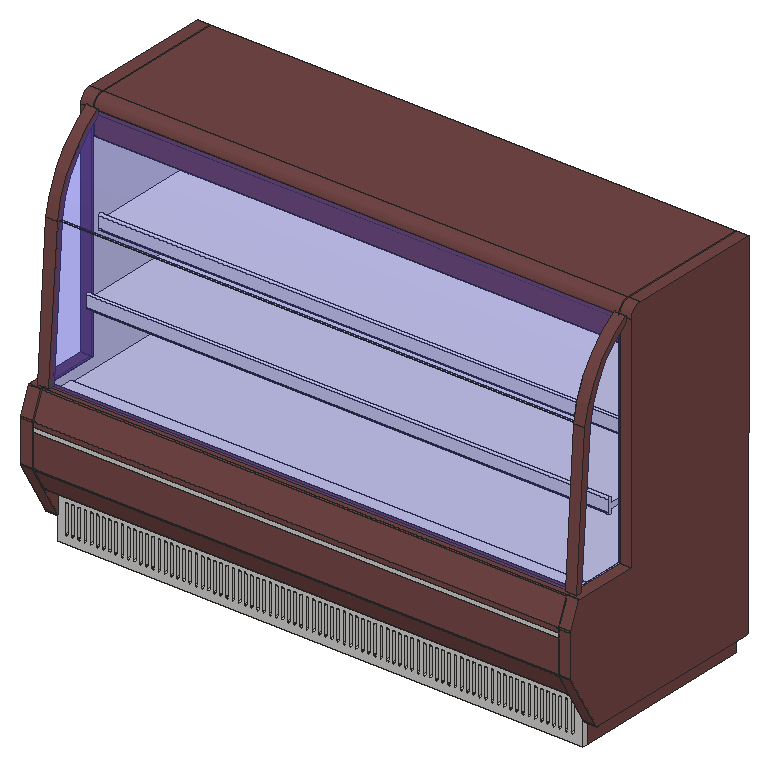
Revit family "QF_Turbo Air_TCDD-72-2-H", category Specialty Equipment, Revit 2014
Parameters
  Weight in Pounds = 639
  Watermarked By = ""
  Volts = 115 V
  Vent Material = QF_Stainless-Polished
  URL Cutsheet = ""
  URL = "www.turboairinc.com"
  Status [instance] = ""
  Specification by User [instance] = ""
  Specification by Manufacturer [instance] = ""
  Serial Number [instance] = ""
  Revision Code [instance] = ""
  Phase = 1
  Number of Poles [instance] = 1
  NAFEM Spec ID Number [instance] = ""
  Model = "TCDD-72-2-H"
  Masterspec [instance] = ""
  Manufacturer = "Turbo Air"  # constant formula
  Item Number [instance] = "-"
  Installed By [instance] = ""
  HP = "1/2"
  Furnished By [instance] = ""
  Foodservice Equipment Identifier = yes
  FL Amps = 11 A
  Exterior Material = QF_Plastic-Red Wine
  Electrical Remarks [instance] = ""
  Electric Connection Type [instance] = ""
  Elec Conn RI Height [instance] = 0' - 0"
  Elec Conn Connection Height = 0' - 6"
  Description = "Bakery/Deli Case"
  Cycle = 60 Hz
  Conn Plug = "NEMA 5-15P"
  CSI MasterFormat = "11 41 13"
  Assembly Code = "E1090320"
  Apparent Power = if(Phase = 3, Volts * FL Amps * 1.73, Volts * FL Amps)  # 1265 VA
Reference planes (in)
  plane 1 "Handle Back": y = -4.25
  plane 2: z = 0
  plane 3 "LEFT": x = -16.56573
  plane 4 "RIGHT": x = 55.93427
  plane 5 "FRONT": y = -34.25
  plane 6 "Bottom": z = 0.3125
  plane 7 "Inside Left": x = -14.94073
  plane 8 "Inside Right": x = 54.30927
  plane 9 "BACK": y = -5
  plane 10 "Panel Lower": z = 19.375
  plane 11 "Inside Bottom": z = 17.25
  plane 12 "TOP": z = 50.125
  plane 13 "Door Left": x = -13.62823
  plane 14 "Door Right": x = 52.99677
  plane 15 "Lower Shelf": z = 26.8125
  plane 16 "Upper Shelf": z = 35.3125
  plane 17 "Door Top": z = 46.5625
  plane 18 "Door Bottom": z = 18.4375
  plane 19 "CENTER LR": x = 19.68427
  plane 20 "Panel Bottom": z = 3.125
  plane 21 "Bottom Front": y = -29.625
Forms (in)
  Extrusion 1, solid, material "QF_Plastic-Red Wine" <- "Exterior Material"
    sketch origin (-16.56573, 0, 0) x (0, 1, 0) y (0, 0, 1)
      loop
        line (-5, 3.5) -> (-5, 50.125) -> (-22.75, 50.125)
        arc (-22.75, 50.125) -> (-23.81066, 49.68566) -> (-24.25, 48.625) r 1.5
        line (-24.25, 48.625) -> (-24.25, 19.375) -> (-32.77179, 19.375)
        arc (-32.77179, 19.375) -> (-32.8059, 19.36487) -> (-32.82896, 19.33777) r 0.0625
        line (-32.82896, 19.33777) -> (-34.21799, 16.19501)
        arc (-34.21799, 16.19501) -> (-34.24191, 16.12089) -> (-34.25, 16.04342) r 0.375
        line (-34.25, 16.04342) -> (-34.25, 10.5867)
        arc (-34.25, 10.5867) -> (-34.23722, 10.48964) -> (-34.19976, 10.3992) r 0.375
        line (-34.19976, 10.3992) -> (-30.10825, 3.3125)
        arc (-30.10825, 3.3125) -> (-29.97099, 3.17524) -> (-29.78349, 3.125) r 0.375
        line (-29.78349, 3.125) -> (-5.375, 3.125)
        arc (-5.375, 3.125) -> (-5.10983, 3.23483) -> (-5, 3.5) r 0.375
    from 0 to 1.625
  Extrusion 2, solid, material "QF_Plastic-Red Wine" <- "Exterior Material"
    sketch origin (55.93427, 0, 0) x (0, 1, 0) y (0, 0, 1)
      loop
        line (-5, 3.5) -> (-5, 50.125) -> (-22.75, 50.125)
        arc (-22.75, 50.125) -> (-23.81066, 49.68566) -> (-24.25, 48.625) r 1.5
        line (-24.25, 48.625) -> (-24.25, 19.375) -> (-32.77179, 19.375)
        arc (-32.77179, 19.375) -> (-32.8059, 19.36487) -> (-32.82896, 19.33777) r 0.0625
        line (-32.82896, 19.33777) -> (-34.21799, 16.19501)
        arc (-34.21799, 16.19501) -> (-34.24191, 16.12089) -> (-34.25, 16.04342) r 0.375
        line (-34.25, 16.04342) -> (-34.25, 10.5867)
        arc (-34.25, 10.5867) -> (-34.23722, 10.48964) -> (-34.19976, 10.3992) r 0.375
        line (-34.19976, 10.3992) -> (-30.10825, 3.3125)
        arc (-30.10825, 3.3125) -> (-29.97099, 3.17524) -> (-29.78349, 3.125) r 0.375
        line (-29.78349, 3.125) -> (-5.375, 3.125)
        arc (-5.375, 3.125) -> (-5.10983, 3.23483) -> (-5, 3.5) r 0.375
    from 0 to -1.625
  Extrusion 3, solid, material "QF_Plastic-Red Wine" <- "Exterior Material"
    sketch origin (-14.94073, 0, 0) x (0, 1, 0) y (0, 0, 1)
      loop
        line (-31.625, 19.375) -> (-30.23314, 38.44929)
        arc (-30.23314, 38.44929) -> (-28.27705, 43.90036) -> (-24.25, 48.0625) r 13.75
        line (-24.25, 48.0625) -> (-24.25, 48.625)
        arc (-24.25, 48.625) -> (-24.24379, 48.76132) -> (-24.22522, 48.89651) r 1.5
        arc (-24.22522, 48.89651) -> (-28.73663, 44.45952) -> (-30.91735, 38.51948) r 14.4375
        line (-30.91735, 38.51948) -> (-32.31433, 19.375) -> (-31.625, 19.375)
    from -0.875 to 0.625
  Extrusion 4, solid, material "QF_Plastic-Red Wine" <- "Exterior Material"
    sketch origin (54.30927, 0, 0) x (0, 1, 0) y (0, 0, 1)
      loop
        arc (-30.23314, 38.44929) -> (-28.27705, 43.90036) -> (-24.25, 48.0625) r 13.75
        line (-24.25, 48.0625) -> (-24.25, 48.625)
        arc (-24.25, 48.625) -> (-24.24379, 48.76132) -> (-24.22522, 48.89651) r 1.5
        arc (-24.22522, 48.89651) -> (-28.73663, 44.45952) -> (-30.91735, 38.51948) r 14.4375
        line (-30.91735, 38.51948) -> (-32.31433, 19.375) -> (-31.625, 19.375) -> (-30.23314, 38.44929)
    from 0.875 to -0.625
  Extrusion 5, solid, material "QF_Glass-Cast-Clear"
    sketch origin (-14.94073, 0, 0) x (0, 1, 0) y (0, 0, 1)
      loop
        arc (-24.25, 48.0625) -> (-28.27705, 43.90036) -> (-30.23314, 38.44929) r 13.75
        line (-30.23314, 38.44929) -> (-31.625, 19.375) -> (-24.25, 19.375) -> (-24.25, 48.0625)
    from 0 to -0.25
  Extrusion 6, solid, material "QF_Glass-Cast-Clear"
    sketch origin (54.30927, 0, 0) x (0, 1, 0) y (0, 0, 1)
      loop
        arc (-24.25, 48.0625) -> (-28.27705, 43.90036) -> (-30.23314, 38.44929) r 13.75
        line (-30.23314, 38.44929) -> (-31.625, 19.375) -> (-24.25, 19.375) -> (-24.25, 48.0625)
    from 0 to 0.25
  Extrusion 7, solid, material "QF_Plastic-Red Wine" <- "Exterior Material"
    sketch origin (-14.94073, 0, 0) x (0, 1, 0) y (0, 0, 1)
      loop
        line (-5, 50.125) -> (-22.75, 50.125)
        arc (-22.75, 50.125) -> (-23.81066, 49.68566) -> (-24.25, 48.625) r 1.5
        line (-24.25, 48.625) -> (-24.25, 45.5)
        arc (-24.25, 45.5) -> (-24.1875, 45.4375) -> (-24.125, 45.5) r 0.0625
        line (-24.125, 45.5) -> (-24.125, 48.625)
        arc (-24.125, 48.625) -> (-24.06819, 49.01616) -> (-23.90244, 49.375) r 1.375
        line (-23.90244, 49.375) -> (-7.375, 49.375) -> (-7.375, 46.5625) -> (-5, 46.5625) -> (-5, 50.125)
      loop
        line (-5, 10.4375) -> (-5, 18.4375) -> (-7.375, 18.4375) -> (-7.375, 10.4375) -> (-5, 10.4375)
    from 0 to 69.25
  Extrusion 8, solid, material "QF_Plastic-Red Wine" <- "Exterior Material"
    sketch origin (0, 0, 0.3125) x (0, 1, 0) y (-1, 0, 0)
      loop
        line (-5, 14.94073) -> (-29.625, 14.94073) -> (-29.625, -54.30927) -> (-5, -54.30927) -> (-5, 14.94073)
      loop
        line (-29.375, 14.69073) -> (-29.375, -54.05927) -> (-5.25, -54.05927) -> (-5.25, 14.69073) -> (-29.375, 14.69073)
    from 0 to 14
  Extrusion 9, solid, material "QF_Plastic-Red Wine" <- "Exterior Material"
    sketch origin (0, 0, 0.3125) x (0, 1, 0) y (-1, 0, 0)
      loop
        line (-29.375, -54.05927) -> (-5.25, -54.05927) -> (-5.25, 14.69073) -> (-29.375, 14.69073) -> (-29.375, -54.05927)
    from 0 to 0.25
  Extrusion 10, solid, material "QF_Stainless-Polished" <- "Vent Material"
    sketch origin (0, -29.625, 0) x (1, 0, 0) y (0, 0, 1)
      loop
        line (-14.94073, 8.5625) -> (-14.94073, 0.3125) -> (54.30927, 0.3125) -> (54.30927, 8.5625) -> (-14.94073, 8.5625)
    from 0 to 0.5625
  Extrusion 11, void
    sketch origin (0, -29.625, 0) x (1, 0, 0) y (0, 0, 1)
      loop
        arc (19.49677, 1.5625) -> (19.68427, 1.375) -> (19.87177, 1.5625) r 0.1875
        line (19.87177, 1.5625) -> (19.87177, 5.125)
        arc (19.87177, 5.125) -> (19.68427, 5.3125) -> (19.49677, 5.125) r 0.1875
        line (19.49677, 5.125) -> (19.49677, 1.5625)
      loop
        arc (20.30927, 1.5625) -> (20.49677, 1.375) -> (20.68427, 1.5625) r 0.1875
        line (20.68427, 1.5625) -> (20.68427, 5.125)
        arc (20.68427, 5.125) -> (20.49677, 5.3125) -> (20.30927, 5.125) r 0.1875
        line (20.30927, 5.125) -> (20.30927, 1.5625)
      loop
        arc (21.12177, 1.5625) -> (21.30927, 1.375) -> (21.49677, 1.5625) r 0.1875
        line (21.49677, 1.5625) -> (21.49677, 5.125)
        arc (21.49677, 5.125) -> (21.30927, 5.3125) -> (21.12177, 5.125) r 0.1875
        line (21.12177, 5.125) -> (21.12177, 1.5625)
      loop
        arc (21.93427, 1.5625) -> (22.12177, 1.375) -> (22.30927, 1.5625) r 0.1875
        line (22.30927, 1.5625) -> (22.30927, 5.125)
        arc (22.30927, 5.125) -> (22.12177, 5.3125) -> (21.93427, 5.125) r 0.1875
        line (21.93427, 5.125) -> (21.93427, 1.5625)
      loop
        arc (22.74677, 1.5625) -> (22.93427, 1.375) -> (23.12177, 1.5625) r 0.1875
        line (23.12177, 1.5625) -> (23.12177, 5.125)
        arc (23.12177, 5.125) -> (22.93427, 5.3125) -> (22.74677, 5.125) r 0.1875
        line (22.74677, 5.125) -> (22.74677, 1.5625)
      loop
        arc (23.55927, 1.5625) -> (23.74677, 1.375) -> (23.93427, 1.5625) r 0.1875
        line (23.93427, 1.5625) -> (23.93427, 5.125)
        arc (23.93427, 5.125) -> (23.74677, 5.3125) -> (23.55927, 5.125) r 0.1875
        line (23.55927, 5.125) -> (23.55927, 1.5625)
      loop
        arc (24.37177, 1.5625) -> (24.55927, 1.375) -> (24.74677, 1.5625) r 0.1875
        line (24.74677, 1.5625) -> (24.74677, 5.125)
        arc (24.74677, 5.125) -> (24.55927, 5.3125) -> (24.37177, 5.125) r 0.1875
        line (24.37177, 5.125) -> (24.37177, 1.5625)
      loop
        arc (25.18427, 1.5625) -> (25.37177, 1.375) -> (25.55927, 1.5625) r 0.1875
        line (25.55927, 1.5625) -> (25.55927, 5.125)
        arc (25.55927, 5.125) -> (25.37177, 5.3125) -> (25.18427, 5.125) r 0.1875
        line (25.18427, 5.125) -> (25.18427, 1.5625)
      loop
        arc (25.99677, 1.5625) -> (26.18427, 1.375) -> (26.37177, 1.5625) r 0.1875
        line (26.37177, 1.5625) -> (26.37177, 5.125)
        arc (26.37177, 5.125) -> (26.18427, 5.3125) -> (25.99677, 5.125) r 0.1875
        line (25.99677, 5.125) -> (25.99677, 1.5625)
      loop
        arc (26.80927, 1.5625) -> (26.99677, 1.375) -> (27.18427, 1.5625) r 0.1875
        line (27.18427, 1.5625) -> (27.18427, 5.125)
        arc (27.18427, 5.125) -> (26.99677, 5.3125) -> (26.80927, 5.125) r 0.1875
        line (26.80927, 5.125) -> (26.80927, 1.5625)
      loop
        arc (27.62177, 1.5625) -> (27.80927, 1.375) -> (27.99677, 1.5625) r 0.1875
        line (27.99677, 1.5625) -> (27.99677, 5.125)
        arc (27.99677, 5.125) -> (27.80927, 5.3125) -> (27.62177, 5.125) r 0.1875
        line (27.62177, 5.125) -> (27.62177, 1.5625)
      loop
        arc (28.43427, 1.5625) -> (28.62177, 1.375) -> (28.80927, 1.5625) r 0.1875
        line (28.80927, 1.5625) -> (28.80927, 5.125)
        arc (28.80927, 5.125) -> (28.62177, 5.3125) -> (28.43427, 5.125) r 0.1875
        line (28.43427, 5.125) -> (28.43427, 1.5625)
      loop
        arc (29.24677, 1.5625) -> (29.43427, 1.375) -> (29.62177, 1.5625) r 0.1875
        line (29.62177, 1.5625) -> (29.62177, 5.125)
        arc (29.62177, 5.125) -> (29.43427, 5.3125) -> (29.24677, 5.125) r 0.1875
        line (29.24677, 5.125) -> (29.24677, 1.5625)
      loop
        arc (30.05927, 1.5625) -> (30.24677, 1.375) -> (30.43427, 1.5625) r 0.1875
        line (30.43427, 1.5625) -> (30.43427, 5.125)
        arc (30.43427, 5.125) -> (30.24677, 5.3125) -> (30.05927, 5.125) r 0.1875
        line (30.05927, 5.125) -> (30.05927, 1.5625)
      loop
        arc (30.87177, 1.5625) -> (31.05927, 1.375) -> (31.24677, 1.5625) r 0.1875
        line (31.24677, 1.5625) -> (31.24677, 5.125)
        arc (31.24677, 5.125) -> (31.05927, 5.3125) -> (30.87177, 5.125) r 0.1875
        line (30.87177, 5.125) -> (30.87177, 1.5625)
      loop
        arc (31.68427, 1.5625) -> (31.87177, 1.375) -> (32.05927, 1.5625) r 0.1875
        line (32.05927, 1.5625) -> (32.05927, 5.125)
        arc (32.05927, 5.125) -> (31.87177, 5.3125) -> (31.68427, 5.125) r 0.1875
        line (31.68427, 5.125) -> (31.68427, 1.5625)
      loop
        arc (32.49677, 1.5625) -> (32.68427, 1.375) -> (32.87177, 1.5625) r 0.1875
        line (32.87177, 1.5625) -> (32.87177, 5.125)
        arc (32.87177, 5.125) -> (32.68427, 5.3125) -> (32.49677, 5.125) r 0.1875
        line (32.49677, 5.125) -> (32.49677, 1.5625)
      loop
        arc (33.30927, 1.5625) -> (33.49677, 1.375) -> (33.68427, 1.5625) r 0.1875
        line (33.68427, 1.5625) -> (33.68427, 5.125)
        arc (33.68427, 5.125) -> (33.49677, 5.3125) -> (33.30927, 5.125) r 0.1875
        line (33.30927, 5.125) -> (33.30927, 1.5625)
      loop
        arc (34.12177, 1.5625) -> (34.30927, 1.375) -> (34.49677, 1.5625) r 0.1875
        line (34.49677, 1.5625) -> (34.49677, 5.125)
        arc (34.49677, 5.125) -> (34.30927, 5.3125) -> (34.12177, 5.125) r 0.1875
        line (34.12177, 5.125) -> (34.12177, 1.5625)
      loop
        arc (34.93427, 1.5625) -> (35.12177, 1.375) -> (35.30927, 1.5625) r 0.1875
        line (35.30927, 1.5625) -> (35.30927, 5.125)
        arc (35.30927, 5.125) -> (35.12177, 5.3125) -> (34.93427, 5.125) r 0.1875
        line (34.93427, 5.125) -> (34.93427, 1.5625)
      loop
        arc (35.74677, 1.5625) -> (35.93427, 1.375) -> (36.12177, 1.5625) r 0.1875
        line (36.12177, 1.5625) -> (36.12177, 5.125)
        arc (36.12177, 5.125) -> (35.93427, 5.3125) -> (35.74677, 5.125) r 0.1875
        line (35.74677, 5.125) -> (35.74677, 1.5625)
      loop
        arc (36.55927, 1.5625) -> (36.74677, 1.375) -> (36.93427, 1.5625) r 0.1875
        line (36.93427, 1.5625) -> (36.93427, 5.125)
        arc (36.93427, 5.125) -> (36.74677, 5.3125) -> (36.55927, 5.125) r 0.1875
        line (36.55927, 5.125) -> (36.55927, 1.5625)
      loop
        arc (37.37177, 1.5625) -> (37.55927, 1.375) -> (37.74677, 1.5625) r 0.1875
        line (37.74677, 1.5625) -> (37.74677, 5.125)
        arc (37.74677, 5.125) -> (37.55927, 5.3125) -> (37.37177, 5.125) r 0.1875
        line (37.37177, 5.125) -> (37.37177, 1.5625)
      loop
        arc (38.18427, 1.5625) -> (38.37177, 1.375) -> (38.55927, 1.5625) r 0.1875
        line (38.55927, 1.5625) -> (38.55927, 5.125)
        arc (38.55927, 5.125) -> (38.37177, 5.3125) -> (38.18427, 5.125) r 0.1875
        line (38.18427, 5.125) -> (38.18427, 1.5625)
      loop
        arc (38.99677, 1.5625) -> (39.18427, 1.375) -> (39.37177, 1.5625) r 0.1875
        line (39.37177, 1.5625) -> (39.37177, 5.125)
        arc (39.37177, 5.125) -> (39.18427, 5.3125) -> (38.99677, 5.125) r 0.1875
        line (38.99677, 5.125) -> (38.99677, 1.5625)
      loop
        arc (39.80927, 1.5625) -> (39.99677, 1.375) -> (40.18427, 1.5625) r 0.1875
        line (40.18427, 1.5625) -> (40.18427, 5.125)
        arc (40.18427, 5.125) -> (39.99677, 5.3125) -> (39.80927, 5.125) r 0.1875
        line (39.80927, 5.125) -> (39.80927, 1.5625)
      loop
        arc (40.62177, 1.5625) -> (40.80927, 1.375) -> (40.99677, 1.5625) r 0.1875
        line (40.99677, 1.5625) -> (40.99677, 5.125)
        arc (40.99677, 5.125) -> (40.80927, 5.3125) -> (40.62177, 5.125) r 0.1875
        line (40.62177, 5.125) -> (40.62177, 1.5625)
      loop
        arc (41.43427, 1.5625) -> (41.62177, 1.375) -> (41.80927, 1.5625) r 0.1875
        line (41.80927, 1.5625) -> (41.80927, 5.125)
        arc (41.80927, 5.125) -> (41.62177, 5.3125) -> (41.43427, 5.125) r 0.1875
        line (41.43427, 5.125) -> (41.43427, 1.5625)
      loop
        arc (42.24677, 1.5625) -> (42.43427, 1.375) -> (42.62177, 1.5625) r 0.1875
        line (42.62177, 1.5625) -> (42.62177, 5.125)
        arc (42.62177, 5.125) -> (42.43427, 5.3125) -> (42.24677, 5.125) r 0.1875
        line (42.24677, 5.125) -> (42.24677, 1.5625)
      loop
        arc (43.05927, 1.5625) -> (43.24677, 1.375) -> (43.43427, 1.5625) r 0.1875
        line (43.43427, 1.5625) -> (43.43427, 5.125)
        arc (43.43427, 5.125) -> (43.24677, 5.3125) -> (43.05927, 5.125) r 0.1875
        line (43.05927, 5.125) -> (43.05927, 1.5625)
      loop
        arc (43.87177, 1.5625) -> (44.05927, 1.375) -> (44.24677, 1.5625) r 0.1875
        line (44.24677, 1.5625) -> (44.24677, 5.125)
        arc (44.24677, 5.125) -> (44.05927, 5.3125) -> (43.87177, 5.125) r 0.1875
        line (43.87177, 5.125) -> (43.87177, 1.5625)
      loop
        arc (44.68427, 1.5625) -> (44.87177, 1.375) -> (45.05927, 1.5625) r 0.1875
        line (45.05927, 1.5625) -> (45.05927, 5.125)
        arc (45.05927, 5.125) -> (44.87177, 5.3125) -> (44.68427, 5.125) r 0.1875
        line (44.68427, 5.125) -> (44.68427, 1.5625)
      loop
        arc (45.49677, 1.5625) -> (45.68427, 1.375) -> (45.87177, 1.5625) r 0.1875
        line (45.87177, 1.5625) -> (45.87177, 5.125)
        arc (45.87177, 5.125) -> (45.68427, 5.3125) -> (45.49677, 5.125) r 0.1875
        line (45.49677, 5.125) -> (45.49677, 1.5625)
      loop
        arc (46.30927, 1.5625) -> (46.49677, 1.375) -> (46.68427, 1.5625) r 0.1875
        line (46.68427, 1.5625) -> (46.68427, 5.125)
        arc (46.68427, 5.125) -> (46.49677, 5.3125) -> (46.30927, 5.125) r 0.1875
        line (46.30927, 5.125) -> (46.30927, 1.5625)
      loop
        arc (47.12177, 1.5625) -> (47.30927, 1.375) -> (47.49677, 1.5625) r 0.1875
        line (47.49677, 1.5625) -> (47.49677, 5.125)
        arc (47.49677, 5.125) -> (47.30927, 5.3125) -> (47.12177, 5.125) r 0.1875
        line (47.12177, 5.125) -> (47.12177, 1.5625)
      loop
        arc (47.93427, 1.5625) -> (48.12177, 1.375) -> (48.30927, 1.5625) r 0.1875
        line (48.30927, 1.5625) -> (48.30927, 5.125)
        arc (48.30927, 5.125) -> (48.12177, 5.3125) -> (47.93427, 5.125) r 0.1875
        line (47.93427, 5.125) -> (47.93427, 1.5625)
      loop
        arc (48.74677, 1.5625) -> (48.93427, 1.375) -> (49.12177, 1.5625) r 0.1875
        line (49.12177, 1.5625) -> (49.12177, 5.125)
        arc (49.12177, 5.125) -> (48.93427, 5.3125) -> (48.74677, 5.125) r 0.1875
        line (48.74677, 5.125) -> (48.74677, 1.5625)
      loop
        arc (49.55927, 1.5625) -> (49.74677, 1.375) -> (49.93427, 1.5625) r 0.1875
        line (49.93427, 1.5625) -> (49.93427, 5.125)
        arc (49.93427, 5.125) -> (49.74677, 5.3125) -> (49.55927, 5.125) r 0.1875
        line (49.55927, 5.125) -> (49.55927, 1.5625)
      loop
        arc (50.37177, 1.5625) -> (50.55927, 1.375) -> (50.74677, 1.5625) r 0.1875
        line (50.74677, 1.5625) -> (50.74677, 5.125)
        arc (50.74677, 5.125) -> (50.55927, 5.3125) -> (50.37177, 5.125) r 0.1875
        line (50.37177, 5.125) -> (50.37177, 1.5625)
      loop
        arc (51.18427, 1.5625) -> (51.37177, 1.375) -> (51.55927, 1.5625) r 0.1875
        line (51.55927, 1.5625) -> (51.55927, 5.125)
        arc (51.55927, 5.125) -> (51.37177, 5.3125) -> (51.18427, 5.125) r 0.1875
        line (51.18427, 5.125) -> (51.18427, 1.5625)
      loop
        arc (51.99677, 1.5625) -> (52.18427, 1.375) -> (52.37177, 1.5625) r 0.1875
        line (52.37177, 1.5625) -> (52.37177, 5.125)
        arc (52.37177, 5.125) -> (52.18427, 5.3125) -> (51.99677, 5.125) r 0.1875
        line (51.99677, 5.125) -> (51.99677, 1.5625)
      loop
        arc (52.80927, 1.5625) -> (52.99677, 1.375) -> (53.18427, 1.5625) r 0.1875
        line (53.18427, 1.5625) -> (53.18427, 5.125)
        arc (53.18427, 5.125) -> (52.99677, 5.3125) -> (52.80927, 5.125) r 0.1875
        line (52.80927, 5.125) -> (52.80927, 1.5625)
      loop
        line (19.05927, 1.5625) -> (19.05927, 5.125)
        arc (19.05927, 5.125) -> (18.87177, 5.3125) -> (18.68427, 5.125) r 0.1875
        line (18.68427, 5.125) -> (18.68427, 1.5625)
        arc (18.68427, 1.5625) -> (18.87177, 1.375) -> (19.05927, 1.5625) r 0.1875
      loop
        line (18.24677, 1.5625) -> (18.24677, 5.125)
        arc (18.24677, 5.125) -> (18.05927, 5.3125) -> (17.87177, 5.125) r 0.1875
        line (17.87177, 5.125) -> (17.87177, 1.5625)
        arc (17.87177, 1.5625) -> (18.05927, 1.375) -> (18.24677, 1.5625) r 0.1875
      loop
        line (17.43427, 1.5625) -> (17.43427, 5.125)
        arc (17.43427, 5.125) -> (17.24677, 5.3125) -> (17.05927, 5.125) r 0.1875
        line (17.05927, 5.125) -> (17.05927, 1.5625)
        arc (17.05927, 1.5625) -> (17.24677, 1.375) -> (17.43427, 1.5625) r 0.1875
      loop
        line (16.62177, 1.5625) -> (16.62177, 5.125)
        arc (16.62177, 5.125) -> (16.43427, 5.3125) -> (16.24677, 5.125) r 0.1875
        line (16.24677, 5.125) -> (16.24677, 1.5625)
        arc (16.24677, 1.5625) -> (16.43427, 1.375) -> (16.62177, 1.5625) r 0.1875
      loop
        line (15.80927, 1.5625) -> (15.80927, 5.125)
        arc (15.80927, 5.125) -> (15.62177, 5.3125) -> (15.43427, 5.125) r 0.1875
        line (15.43427, 5.125) -> (15.43427, 1.5625)
        arc (15.43427, 1.5625) -> (15.62177, 1.375) -> (15.80927, 1.5625) r 0.1875
      loop
        line (14.99677, 1.5625) -> (14.99677, 5.125)
        arc (14.99677, 5.125) -> (14.80927, 5.3125) -> (14.62177, 5.125) r 0.1875
        line (14.62177, 5.125) -> (14.62177, 1.5625)
        arc (14.62177, 1.5625) -> (14.80927, 1.375) -> (14.99677, 1.5625) r 0.1875
      loop
        line (14.18427, 1.5625) -> (14.18427, 5.125)
        arc (14.18427, 5.125) -> (13.99677, 5.3125) -> (13.80927, 5.125) r 0.1875
        line (13.80927, 5.125) -> (13.80927, 1.5625)
        arc (13.80927, 1.5625) -> (13.99677, 1.375) -> (14.18427, 1.5625) r 0.1875
      loop
        line (13.37177, 1.5625) -> (13.37177, 5.125)
        arc (13.37177, 5.125) -> (13.18427, 5.3125) -> (12.99677, 5.125) r 0.1875
        line (12.99677, 5.125) -> (12.99677, 1.5625)
        arc (12.99677, 1.5625) -> (13.18427, 1.375) -> (13.37177, 1.5625) r 0.1875
      loop
        line (12.55927, 1.5625) -> (12.55927, 5.125)
        arc (12.55927, 5.125) -> (12.37177, 5.3125) -> (12.18427, 5.125) r 0.1875
        line (12.18427, 5.125) -> (12.18427, 1.5625)
        arc (12.18427, 1.5625) -> (12.37177, 1.375) -> (12.55927, 1.5625) r 0.1875
      loop
        line (11.74677, 1.5625) -> (11.74677, 5.125)
        arc (11.74677, 5.125) -> (11.55927, 5.3125) -> (11.37177, 5.125) r 0.1875
        line (11.37177, 5.125) -> (11.37177, 1.5625)
        arc (11.37177, 1.5625) -> (11.55927, 1.375) -> (11.74677, 1.5625) r 0.1875
      loop
        line (10.93427, 1.5625) -> (10.93427, 5.125)
        arc (10.93427, 5.125) -> (10.74677, 5.3125) -> (10.55927, 5.125) r 0.1875
        line (10.55927, 5.125) -> (10.55927, 1.5625)
        arc (10.55927, 1.5625) -> (10.74677, 1.375) -> (10.93427, 1.5625) r 0.1875
      loop
        line (10.12177, 1.5625) -> (10.12177, 5.125)
        arc (10.12177, 5.125) -> (9.93427, 5.3125) -> (9.74677, 5.125) r 0.1875
        line (9.74677, 5.125) -> (9.74677, 1.5625)
        arc (9.74677, 1.5625) -> (9.93427, 1.375) -> (10.12177, 1.5625) r 0.1875
      loop
        line (9.30927, 1.5625) -> (9.30927, 5.125)
        arc (9.30927, 5.125) -> (9.12177, 5.3125) -> (8.93427, 5.125) r 0.1875
        line (8.93427, 5.125) -> (8.93427, 1.5625)
        arc (8.93427, 1.5625) -> (9.12177, 1.375) -> (9.30927, 1.5625) r 0.1875
      loop
        line (8.49677, 1.5625) -> (8.49677, 5.125)
        arc (8.49677, 5.125) -> (8.30927, 5.3125) -> (8.12177, 5.125) r 0.1875
        line (8.12177, 5.125) -> (8.12177, 1.5625)
        arc (8.12177, 1.5625) -> (8.30927, 1.375) -> (8.49677, 1.5625) r 0.1875
      loop
        line (7.68427, 1.5625) -> (7.68427, 5.125)
        arc (7.68427, 5.125) -> (7.49677, 5.3125) -> (7.30927, 5.125) r 0.1875
        line (7.30927, 5.125) -> (7.30927, 1.5625)
        arc (7.30927, 1.5625) -> (7.49677, 1.375) -> (7.68427, 1.5625) r 0.1875
      loop
        line (6.87177, 1.5625) -> (6.87177, 5.125)
        arc (6.87177, 5.125) -> (6.68427, 5.3125) -> (6.49677, 5.125) r 0.1875
        line (6.49677, 5.125) -> (6.49677, 1.5625)
        arc (6.49677, 1.5625) -> (6.68427, 1.375) -> (6.87177, 1.5625) r 0.1875
      loop
        line (6.05927, 1.5625) -> (6.05927, 5.125)
        arc (6.05927, 5.125) -> (5.87177, 5.3125) -> (5.68427, 5.125) r 0.1875
        line (5.68427, 5.125) -> (5.68427, 1.5625)
        arc (5.68427, 1.5625) -> (5.87177, 1.375) -> (6.05927, 1.5625) r 0.1875
      loop
        line (5.24677, 1.5625) -> (5.24677, 5.125)
        arc (5.24677, 5.125) -> (5.05927, 5.3125) -> (4.87177, 5.125) r 0.1875
        line (4.87177, 5.125) -> (4.87177, 1.5625)
        arc (4.87177, 1.5625) -> (5.05927, 1.375) -> (5.24677, 1.5625) r 0.1875
      loop
        line (4.43427, 1.5625) -> (4.43427, 5.125)
        arc (4.43427, 5.125) -> (4.24677, 5.3125) -> (4.05927, 5.125) r 0.1875
        line (4.05927, 5.125) -> (4.05927, 1.5625)
        arc (4.05927, 1.5625) -> (4.24677, 1.375) -> (4.43427, 1.5625) r 0.1875
      loop
        line (3.62177, 1.5625) -> (3.62177, 5.125)
        arc (3.62177, 5.125) -> (3.43427, 5.3125) -> (3.24677, 5.125) r 0.1875
        line (3.24677, 5.125) -> (3.24677, 1.5625)
        arc (3.24677, 1.5625) -> (3.43427, 1.375) -> (3.62177, 1.5625) r 0.1875
      loop
        line (2.80927, 1.5625) -> (2.80927, 5.125)
        arc (2.80927, 5.125) -> (2.62177, 5.3125) -> (2.43427, 5.125) r 0.1875
        line (2.43427, 5.125) -> (2.43427, 1.5625)
        arc (2.43427, 1.5625) -> (2.62177, 1.375) -> (2.80927, 1.5625) r 0.1875
      loop
        line (1.99677, 1.5625) -> (1.99677, 5.125)
        arc (1.99677, 5.125) -> (1.80927, 5.3125) -> (1.62177, 5.125) r 0.1875
        line (1.62177, 5.125) -> (1.62177, 1.5625)
        arc (1.62177, 1.5625) -> (1.80927, 1.375) -> (1.99677, 1.5625) r 0.1875
      loop
        line (1.18427, 1.5625) -> (1.18427, 5.125)
        arc (1.18427, 5.125) -> (0.99677, 5.3125) -> (0.80927, 5.125) r 0.1875
        line (0.80927, 5.125) -> (0.80927, 1.5625)
        arc (0.80927, 1.5625) -> (0.99677, 1.375) -> (1.18427, 1.5625) r 0.1875
      loop
        line (0.37177, 1.5625) -> (0.37177, 5.125)
        arc (0.37177, 5.125) -> (0.18427, 5.3125) -> (-0.00323, 5.125) r 0.1875
        line (-0.00323, 5.125) -> (-0.00323, 1.5625)
        arc (-0.00323, 1.5625) -> (0.18427, 1.375) -> (0.37177, 1.5625) r 0.1875
      loop
        line (-0.44073, 1.5625) -> (-0.44073, 5.125)
        arc (-0.44073, 5.125) -> (-0.62823, 5.3125) -> (-0.81573, 5.125) r 0.1875
        line (-0.81573, 5.125) -> (-0.81573, 1.5625)
        arc (-0.81573, 1.5625) -> (-0.62823, 1.375) -> (-0.44073, 1.5625) r 0.1875
      loop
        line (-1.25323, 1.5625) -> (-1.25323, 5.125)
        arc (-1.25323, 5.125) -> (-1.44073, 5.3125) -> (-1.62823, 5.125) r 0.1875
        line (-1.62823, 5.125) -> (-1.62823, 1.5625)
        arc (-1.62823, 1.5625) -> (-1.44073, 1.375) -> (-1.25323, 1.5625) r 0.1875
      loop
        line (-2.06573, 1.5625) -> (-2.06573, 5.125)
        arc (-2.06573, 5.125) -> (-2.25323, 5.3125) -> (-2.44073, 5.125) r 0.1875
        line (-2.44073, 5.125) -> (-2.44073, 1.5625)
        arc (-2.44073, 1.5625) -> (-2.25323, 1.375) -> (-2.06573, 1.5625) r 0.1875
      loop
        line (-2.87823, 1.5625) -> (-2.87823, 5.125)
        arc (-2.87823, 5.125) -> (-3.06573, 5.3125) -> (-3.25323, 5.125) r 0.1875
        line (-3.25323, 5.125) -> (-3.25323, 1.5625)
        arc (-3.25323, 1.5625) -> (-3.06573, 1.375) -> (-2.87823, 1.5625) r 0.1875
      loop
        line (-3.69073, 1.5625) -> (-3.69073, 5.125)
        arc (-3.69073, 5.125) -> (-3.87823, 5.3125) -> (-4.06573, 5.125) r 0.1875
        line (-4.06573, 5.125) -> (-4.06573, 1.5625)
        arc (-4.06573, 1.5625) -> (-3.87823, 1.375) -> (-3.69073, 1.5625) r 0.1875
      loop
        line (-4.50323, 1.5625) -> (-4.50323, 5.125)
        arc (-4.50323, 5.125) -> (-4.69073, 5.3125) -> (-4.87823, 5.125) r 0.1875
        line (-4.87823, 5.125) -> (-4.87823, 1.5625)
        arc (-4.87823, 1.5625) -> (-4.69073, 1.375) -> (-4.50323, 1.5625) r 0.1875
      loop
        line (-5.31573, 1.5625) -> (-5.31573, 5.125)
        arc (-5.31573, 5.125) -> (-5.50323, 5.3125) -> (-5.69073, 5.125) r 0.1875
        line (-5.69073, 5.125) -> (-5.69073, 1.5625)
        arc (-5.69073, 1.5625) -> (-5.50323, 1.375) -> (-5.31573, 1.5625) r 0.1875
      loop
        line (-6.12823, 1.5625) -> (-6.12823, 5.125)
        arc (-6.12823, 5.125) -> (-6.31573, 5.3125) -> (-6.50323, 5.125) r 0.1875
        line (-6.50323, 5.125) -> (-6.50323, 1.5625)
        arc (-6.50323, 1.5625) -> (-6.31573, 1.375) -> (-6.12823, 1.5625) r 0.1875
      loop
        line (-6.94073, 1.5625) -> (-6.94073, 5.125)
        arc (-6.94073, 5.125) -> (-7.12823, 5.3125) -> (-7.31573, 5.125) r 0.1875
        line (-7.31573, 5.125) -> (-7.31573, 1.5625)
        arc (-7.31573, 1.5625) -> (-7.12823, 1.375) -> (-6.94073, 1.5625) r 0.1875
      loop
        line (-7.75323, 1.5625) -> (-7.75323, 5.125)
        arc (-7.75323, 5.125) -> (-7.94073, 5.3125) -> (-8.12823, 5.125) r 0.1875
        line (-8.12823, 5.125) -> (-8.12823, 1.5625)
        arc (-8.12823, 1.5625) -> (-7.94073, 1.375) -> (-7.75323, 1.5625) r 0.1875
      loop
        line (-8.56573, 1.5625) -> (-8.56573, 5.125)
        arc (-8.56573, 5.125) -> (-8.75323, 5.3125) -> (-8.94073, 5.125) r 0.1875
        line (-8.94073, 5.125) -> (-8.94073, 1.5625)
        arc (-8.94073, 1.5625) -> (-8.75323, 1.375) -> (-8.56573, 1.5625) r 0.1875
      loop
        line (-9.37823, 1.5625) -> (-9.37823, 5.125)
        arc (-9.37823, 5.125) -> (-9.56573, 5.3125) -> (-9.75323, 5.125) r 0.1875
        line (-9.75323, 5.125) -> (-9.75323, 1.5625)
        arc (-9.75323, 1.5625) -> (-9.56573, 1.375) -> (-9.37823, 1.5625) r 0.1875
      loop
        line (-10.19073, 1.5625) -> (-10.19073, 5.125)
        arc (-10.19073, 5.125) -> (-10.37823, 5.3125) -> (-10.56573, 5.125) r 0.1875
        line (-10.56573, 5.125) -> (-10.56573, 1.5625)
        arc (-10.56573, 1.5625) -> (-10.37823, 1.375) -> (-10.19073, 1.5625) r 0.1875
      loop
        line (-11.00323, 1.5625) -> (-11.00323, 5.125)
        arc (-11.00323, 5.125) -> (-11.19073, 5.3125) -> (-11.37823, 5.125) r 0.1875
        line (-11.37823, 5.125) -> (-11.37823, 1.5625)
        arc (-11.37823, 1.5625) -> (-11.19073, 1.375) -> (-11.00323, 1.5625) r 0.1875
      loop
        line (-11.81573, 1.5625) -> (-11.81573, 5.125)
        arc (-11.81573, 5.125) -> (-12.00323, 5.3125) -> (-12.19073, 5.125) r 0.1875
        line (-12.19073, 5.125) -> (-12.19073, 1.5625)
        arc (-12.19073, 1.5625) -> (-12.00323, 1.375) -> (-11.81573, 1.5625) r 0.1875
      loop
        line (-12.62823, 1.5625) -> (-12.62823, 5.125)
        arc (-12.62823, 5.125) -> (-12.81573, 5.3125) -> (-13.00323, 5.125) r 0.1875
        line (-13.00323, 5.125) -> (-13.00323, 1.5625)
        arc (-13.00323, 1.5625) -> (-12.81573, 1.375) -> (-12.62823, 1.5625) r 0.1875
      loop
        line (-13.44073, 1.5625) -> (-13.44073, 5.125)
        arc (-13.44073, 5.125) -> (-13.62823, 5.3125) -> (-13.81573, 5.125) r 0.1875
        line (-13.81573, 5.125) -> (-13.81573, 1.5625)
        arc (-13.81573, 1.5625) -> (-13.62823, 1.375) -> (-13.44073, 1.5625) r 0.1875
    from -0.25 to 0.5625
  Extrusion 12, solid, material "QF_Plastic-Red Wine" <- "Exterior Material"
    sketch origin (-14.94073, 0, 0) x (0, 1, 0) y (0, 0, 1)
      loop
        line (-5, 46.5625) -> (-7.375, 46.5625) -> (-7.375, 18.4375) -> (-5, 18.4375) -> (-5, 46.5625)
    from 0 to 1.3125
  Extrusion 13, solid, material "QF_Plastic-Red Wine" <- "Exterior Material"
    sketch origin (54.30927, 0, 0) x (0, 1, 0) y (0, 0, 1)
      loop
        line (-5, 46.5625) -> (-7.375, 46.5625) -> (-7.375, 18.4375) -> (-5, 18.4375) -> (-5, 46.5625)
    from 0 to -1.3125
  Extrusion 14, solid, material "QF_Glass-Cast-Clear"
    sketch origin (-14.94073, 0, 0) x (0, 1, 0) y (0, 0, 1)
      loop
        line (-31.75033, 19.375) -> (-30.35754, 38.46208)
        arc (-30.35754, 38.46208) -> (-28.36206, 44.00023) -> (-24.25, 48.2126) r 13.875
        line (-24.25, 48.2126) -> (-24.25, 48.625)
        arc (-24.25, 48.625) -> (-24.2499, 48.64236) -> (-24.2496, 48.65971) r 1.5
        arc (-24.2496, 48.65971) -> (-28.61692, 44.29886) -> (-30.73075, 38.50038) r 14.25
        line (-30.73075, 38.50038) -> (-32.12633, 19.375) -> (-31.75033, 19.375)
    from 0.625 to 68.625
  Extrusion 15, solid, material "QF_Plastic-Red Wine" <- "Exterior Material"
    sketch origin (-14.94073, 0, 0) x (0, 1, 0) y (0, 0, 1)
      loop
        line (-32.77708, 19.30053) -> (-34.17683, 16.13354)
        arc (-34.17683, 16.13354) -> (-34.1848, 16.10883) -> (-34.1875, 16.08301) r 0.125
        line (-34.1875, 16.08301) -> (-34.1875, 15.5469) -> (-33.8125, 15.5469) -> (-33.8125, 16.03022) -> (-32.49992, 19) -> (-31.20917, 19) -> (-31.20917, 19.375) -> (-32.66275, 19.375)
        arc (-32.66275, 19.375) -> (-32.73097, 19.35474) -> (-32.77708, 19.30053) r 0.125
      loop
        line (-33.8125, 14.8594) -> (-34.1875, 14.8594) -> (-34.1875, 10.51789)
        arc (-34.1875, 10.51789) -> (-34.18324, 10.48554) -> (-34.17075, 10.45539) r 0.125
        line (-34.17075, 10.45539) -> (-32.41108, 7.40756)
        arc (-32.41108, 7.40756) -> (-32.36533, 7.3618) -> (-32.30283, 7.34506) r 0.125
        line (-32.30283, 7.34506) -> (-32, 7.34506) -> (-32, 8.84506) -> (-30, 8.84506) -> (-30, 9.22006) -> (-33.02452, 9.22006) -> (-33.8125, 10.58488) -> (-33.8125, 14.8594)
    from 0 to 69.25
  Extrusion 16, solid, material "QF_Stainless-Polished"
    sketch origin (-14.94073, 0, 0) x (0, 1, 0) y (0, 0, 1)
      loop
        line (-34.1875, 15.4844) -> (-34.1875, 14.9219) -> (-33.8125, 14.9219) -> (-33.8125, 15.4844) -> (-34.1875, 15.4844)
    from 0 to 69.25
  Extrusion 17, solid, material "QF_Plastic-Opaque-White"
    sketch origin (-14.94073, 0, 0) x (0, 1, 0) y (0, 0, 1)
      loop
        line (-7.375, 17.25) -> (-28.125, 17.25) -> (-28.125, 18.375) -> (-31.20917, 18.375) -> (-31.20917, 19) -> (-32.49992, 19) -> (-33.8125, 16.03022) -> (-33.8125, 10.58488) -> (-33.02452, 9.22006) -> (-30, 9.22006) -> (-30, 14.3125) -> (-7.375, 14.3125) -> (-7.375, 17.25)
    from 0 to 69.25
  Extrusion 18, solid, material "QF_Plastic-Opaque-White"
    sketch origin (-14.94073, 0, 0) x (0, 1, 0) y (0, 0, 1)
      loop
        line (-7.375, 17.25) -> (-7.375, 49.375) -> (-10.125, 49.375) -> (-10.125, 17.25) -> (-7.375, 17.25)
    from 0 to 1.3125
  Extrusion 19, solid, material "QF_Plastic-Opaque-White"
    sketch origin (54.30927, 0, 0) x (0, 1, 0) y (0, 0, 1)
      loop
        line (-7.375, 17.25) -> (-7.375, 49.375) -> (-10.125, 49.375) -> (-10.125, 17.25) -> (-7.375, 17.25)
    from 0 to -1.3125
  Extrusion 20, solid, material "QF_Plastic-Opaque-White"
    sketch origin (-13.62823, 0, 0) x (0, 1, 0) y (0, 0, 1)
      loop
        line (-10.125, 49.375) -> (-10.125, 46.5625) -> (-7.375, 46.5625) -> (-7.375, 49.375) -> (-10.125, 49.375)
      loop
        line (-10.125, 17.25) -> (-7.375, 17.25) -> (-7.375, 18.4375) -> (-10.125, 18.4375) -> (-10.125, 17.25)
    from 0 to 66.625
  Extrusion 21, solid, material "QF_Plastic-Opaque-White"
    sketch origin (-14.94073, 0, 0) x (0, 1, 0) y (0, 0, 1)
      loop
        line (-10.125, 49.375) -> (-23.90244, 49.375)
        arc (-23.90244, 49.375) -> (-24.06819, 49.01616) -> (-24.125, 48.625) r 1.375
        line (-24.125, 48.625) -> (-24.125, 48.375) -> (-22.625, 48.375) -> (-22.625, 47.375) -> (-10.125, 47.375) -> (-10.125, 49.375)
    from 0 to 69.25
  Extrusion 22, solid, material "QF_Plastic-Opaque-White"
    sketch origin (-14.94073, 0, 0) x (0, 1, 0) y (0, 0, 1)
      loop
        line (-24.25, 45.5) -> (-24.25, 19.375) -> (-31.20917, 19.375) -> (-31.20917, 18.375) -> (-28.125, 18.375) -> (-28.125, 17.25) -> (-28.0625, 17.25) -> (-28.0625, 18.0625) -> (-11.75, 18.0625) -> (-11.75, 17.25) -> (-11.6875, 17.25) -> (-11.6875, 18.0625) -> (-10.1875, 18.0625) -> (-10.1875, 17.25) -> (-10.125, 17.25) -> (-10.125, 47.375) -> (-22.625, 47.375) -> (-22.625, 48.375) -> (-24.125, 48.375) -> (-24.125, 45.5)
        arc (-24.125, 45.5) -> (-24.1875, 45.4375) -> (-24.25, 45.5) r 0.0625
    from 0 to 0.0625
  Extrusion 23, solid, material "QF_Plastic-Opaque-White"
    sketch origin (54.30927, 0, 0) x (0, 1, 0) y (0, 0, 1)
      loop
        line (-24.25, 45.5) -> (-24.25, 19.375) -> (-31.20917, 19.375) -> (-31.20917, 18.375) -> (-28.125, 18.375) -> (-28.125, 17.25) -> (-28.0625, 17.25) -> (-28.0625, 18.0625) -> (-11.75, 18.0625) -> (-11.75, 17.25) -> (-11.6875, 17.25) -> (-11.6875, 18.0625) -> (-10.1875, 18.0625) -> (-10.1875, 17.25) -> (-10.125, 17.25) -> (-10.125, 47.375) -> (-22.625, 47.375) -> (-22.625, 48.375) -> (-24.125, 48.375) -> (-24.125, 45.5)
        arc (-24.125, 45.5) -> (-24.1875, 45.4375) -> (-24.25, 45.5) r 0.0625
    from 0 to -0.0625
  Extrusion 24, solid, material "QF_Plastic-Opaque-White"
    sketch origin (-14.94073, 0, 0) x (0, 1, 0) y (0, 0, 1)
      loop
        line (-10.1875, 17.25) -> (-10.1875, 18.0625) -> (-11.6875, 18.0625) -> (-11.6875, 17.25) -> (-10.1875, 17.25)
      loop
        line (-11.75, 18.0625) -> (-28.0625, 18.0625) -> (-28.0625, 17.25) -> (-11.75, 17.25) -> (-11.75, 18.0625)
    from 0 to 69.25
  Extrusion 25, solid, material "QF_Plastic-Opaque-White"
    sketch origin (-14.94073, 0, 0) x (0, 1, 0) y (0, 0, 1)
      loop
        line (-10.125, 26.8125) -> (-25.25, 26.8125) -> (-25.25, 27.375)
        arc (-25.25, 27.375) -> (-25.4375, 27.5625) -> (-25.625, 27.375) r 0.1875
        line (-25.625, 27.375) -> (-25.625, 25.8125)
        arc (-25.625, 25.8125) -> (-25.4375, 25.625) -> (-25.25, 25.8125) r 0.1875
        line (-25.25, 25.8125) -> (-25.25, 26.1875) -> (-10.125, 26.1875) -> (-10.125, 26.8125)
      loop
        line (-10.125, 35.3125) -> (-23.25, 35.3125) -> (-23.25, 35.875)
        arc (-23.25, 35.875) -> (-23.4375, 36.0625) -> (-23.625, 35.875) r 0.1875
        line (-23.625, 35.875) -> (-23.625, 34.3125)
        arc (-23.625, 34.3125) -> (-23.4375, 34.125) -> (-23.25, 34.3125) r 0.1875
        line (-23.25, 34.3125) -> (-23.25, 34.6875) -> (-10.125, 34.6875) -> (-10.125, 35.3125)
    from 0.25 to 69
  Extrusion 26, solid, material "QF_Plastic-Black-Fine Textured"
    sketch origin (0, -5, 0) x (1, 0, 0) y (0, 0, 1)
      loop
        line (-13.62823, 46.5625) -> (-13.62823, 18.4375) -> (20.18427, 18.4375) -> (20.18427, 46.5625) -> (-13.62823, 46.5625)
      loop
        line (19.18427, 45.5625) -> (-12.62823, 45.5625) -> (-12.62823, 19.4375) -> (19.18427, 19.4375) -> (19.18427, 45.5625)
    from 1.1875 to 2.375
  Extrusion 27, solid, material "QF_Glass-Cast-Clear"
    sketch origin (0, -5, 0) x (1, 0, 0) y (0, 0, 1)
      loop
        line (-12.62823, 45.5625) -> (-12.62823, 19.4375) -> (19.18427, 19.4375) -> (19.18427, 45.5625) -> (-12.62823, 45.5625)
    from 1.4375 to 2.125
  Extrusion 28, solid, material "QF_Plastic-Black-Fine Textured"
    sketch origin (0, -5, 0) x (1, 0, 0) y (0, 0, 1)
      loop
        line (19.18427, 46.5625) -> (19.18427, 18.4375) -> (52.99677, 18.4375) -> (52.99677, 46.5625) -> (19.18427, 46.5625)
      loop
        line (20.18427, 45.5625) -> (20.18427, 19.4375) -> (51.99677, 19.4375) -> (51.99677, 45.5625) -> (20.18427, 45.5625)
    from 0 to 1.1875
  Extrusion 29, solid, material "QF_Glass-Cast-Clear"
    sketch origin (0, -5, 0) x (1, 0, 0) y (0, 0, 1)
      loop
        line (20.18427, 45.5625) -> (20.18427, 19.4375) -> (51.99677, 19.4375) -> (51.99677, 45.5625) -> (20.18427, 45.5625)
    from 0.25 to 0.9375
  Extrusion 30, solid, material "QF_Plastic-Black-Fine Textured"
    sketch origin (52.99677, 0, 1.9375) x (0, 1, 0) y (0, 0, 1)
      loop
        line (-4.25, 25.1875) -> (-4.25, 35.9375) -> (-5, 36.4375) -> (-5, 24.6875) -> (-4.25, 25.1875)
    from -0.75 to -1
  Extrusion 31, solid, material "QF_Plastic-Black-Fine Textured"
    sketch origin (-13.62823, -1.1875, 1.9375) x (0, 1, 0) y (0, 0, 1)
      loop
        line (-4.25, 25.1875) -> (-4.25, 35.9375) -> (-5, 36.4375) -> (-5, 24.6875) -> (-4.25, 25.1875)
    from 0.75 to 1
  Extrusion 32, solid, material "QF_Plastic-Black-Fine Textured"
    sketch origin (0, 0, 0) x (1, 0, 0) y (0, 1, 0)
      loop
        circle (-14.00323, -6.875) r 0.5625
      loop
        circle (-14.00323, -28.0625) r 0.5625
      loop
        circle (53.37177, -6.875) r 0.5625
      loop
        circle (53.37177, -28.0625) r 0.5625
    from 0 to 0.3125
  Extrusion 33, solid, material "QF_Plastic-Red Wine" <- "Exterior Material"
    sketch origin (0, -5, 0) x (1, 0, 0) y (0, 0, 1)
      loop
        circle (19.68427, 6) r 0.25
    from 0 to -0.0625
Cuts and joins
  Extrusion 11 cuts Extrusion 8
  Extrusion 11 cuts Extrusion 10
Lines and regions (in)
  symbolic lines
    curve 1: line (-16.56573, -5, 0) -> (55.93427, -5, 0)
    curve 2: line (-16.56573, -34.25, 0) -> (-16.56573, -5, 0)
    curve 3: line (55.93427, -34.25, 0) -> (-16.56573, -34.25, 0)
    curve 4: line (55.93427, -5, 0) -> (55.93427, -34.25, 0)
    curve 5: line (-14.94073, -5, 0) -> (-14.94073, -24.22522, 0)
    curve 6: line (-15.81573, -24.22522, 0) -> (-14.31573, -24.22522, 0)
    curve 7: line (-15.81573, -24.22522, 0) -> (-15.81573, -32.31766, 0)
    curve 8: line (-14.31573, -32.31766, 0) -> (-14.31573, -24.22522, 0)
    curve 9: line (-15.81573, -24.30518, 0) -> (-16.56573, -24.30518, 0)
    curve 10: line (-15.81573, -32.31766, 0) -> (-14.31573, -32.31766, 0)
    curve 11: line (-14.94073, -32.31766, 0) -> (-14.94073, -34.25, 0)
    curve 12: line (53.68427, -24.22522, 0) -> (55.18427, -24.22522, 0)
    curve 13: line (53.68427, -24.22522, 0) -> (53.68427, -32.31766, 0)
    curve 14: line (55.18427, -32.31766, 0) -> (55.18427, -24.22522, 0)
    curve 15: line (53.68427, -32.31766, 0) -> (55.18427, -32.31766, 0)
    curve 16: line (54.30927, -32.31766, 0) -> (54.30927, -34.25, 0)
    curve 17: line (54.30927, -24.22522, 0) -> (54.30927, -5, 0)
    curve 18: line (51.99677, -5, 0) -> (51.99677, -4.25, 0)
    curve 19: line (51.99677, -4.25, 0) -> (52.24677, -4.25, 0)
    curve 20: line (52.24677, -4.25, 0) -> (52.24677, -5, 0)
    curve 21: line (55.18427, -24.30518, 0) -> (55.93427, -24.30518, 0)
    curve 22: line (53.68427, -24.30518, 0) -> (-14.31573, -24.30518, 0)
    curve 23: line (-14.31573, -30.73075, 0) -> (53.68427, -30.73075, 0)
    curve 24: line (53.68427, -32.06579, 0) -> (-14.31573, -32.06579, 0)
Dimensions and locks (in)
  locked: plane 3 "LEFT" to plane 4 "RIGHT" at 72.5
  locked: plane 5 "FRONT" to plane 1 "Handle Back" at 30
  locked: plane 6 "Bottom" to plane 2 at 0.3125
  locked: plane 3 "LEFT" to plane 7 "Inside Left" at 1.625
  locked: plane 8 "Inside Right" to plane 4 "RIGHT" at 1.625
  locked: plane 9 "BACK" to plane 1 "Handle Back" at 0.75
  plane 10 "Panel Lower" to level = 1' - 7 3/8"
  locked: plane 10 "Panel Lower" to plane 11 "Inside Bottom" at 2.125
  locked: plane 12 "TOP" to level at 50.125
  locked: plane 7 "Inside Left" to Extrusion 8 sketch curve at 0.25
  locked: Extrusion 8 sketch curve to plane 8 "Inside Right" at 0.25
  locked: Extrusion 8 sketch curve to plane 9 "BACK" at 0.25
  locked: plane 7 "Inside Left" to plane 13 "Door Left" at 1.3125
  locked: plane 14 "Door Right" to plane 8 "Inside Right" at 1.3125
  locked: plane 15 "Lower Shelf" to plane 11 "Inside Bottom" at 9.5625
  locked: plane 16 "Upper Shelf" to plane 15 "Lower Shelf" at 8.5
  locked: plane 8 "Inside Right" to Extrusion 25 at 0.25
  locked: plane 12 "TOP" to plane 17 "Door Top" at 3.5625
  equal spacing: plane 3 "LEFT", plane 19 "CENTER LR", plane 4 "RIGHT"
  locked: Extrusion 26 sketch curve to plane 13 "Door Left" at 1
  locked: plane 17 "Door Top" to Extrusion 26 sketch curve at 1
  Extrusion 26 sketch curve to plane 19 "CENTER LR" to Extrusion 26 sketch curve = 0' - 0 1/2" locked, 0' - 0 1/2" locked
  locked: Extrusion 26 sketch curve to plane 18 "Door Bottom" at 1
  Extrusion 28 sketch curve to plane 19 "CENTER LR" to Extrusion 28 sketch curve = 0' - 0 1/2" locked, 0' - 0 1/2" locked
  locked: plane 17 "Door Top" to Extrusion 28 sketch curve at 1
  locked: Extrusion 28 sketch curve to plane 18 "Door Bottom" at 1
  locked: Extrusion 28 sketch curve to plane 14 "Door Right" at 1
  locked: plane 7 "Inside Left" to Extrusion 32 sketch curve at 0.9375  (x2)
  locked: Extrusion 32 sketch curve to plane 9 "BACK" at 1.875  (x2)
  locked: Extrusion 32 sketch curve to plane 8 "Inside Right" at 0.9375  (x2)
  locked: Extrusion 33 sketch curve to level at 6
  equal spacing: plane 8 "Inside Right", Extrusion 33 sketch curve, plane 7 "Inside Left"
  locked: plane 10 "Panel Lower" to plane 18 "Door Bottom" at 0.9375
  locked: plane 20 "Panel Bottom" to level at 3.125
  locked: plane 5 "FRONT" to plane 21 "Bottom Front" at 4.625
  aligned and locked: level to plane 2
  aligned and locked: plane 7 "Inside Left" to Extrusion 1
  aligned and locked: Extrusion 2 to plane 8 "Inside Right"
  aligned and locked: plane 8 "Inside Right" to Extrusion 7
  aligned and locked: plane 7 "Inside Left" to Extrusion 8 sketch curve
  aligned and locked: Extrusion 8 sketch curve to plane 8 "Inside Right"
  aligned and locked: plane 9 "BACK" to Extrusion 8 sketch curve
  aligned and locked: plane 7 "Inside Left" to Extrusion 10 sketch curve
  aligned and locked: plane 6 "Bottom" to Extrusion 10 sketch curve
  aligned and locked: plane 13 "Door Left" to Extrusion 12
  aligned and locked: Extrusion 13 to plane 14 "Door Right"
  aligned and locked: plane 8 "Inside Right" to Extrusion 15
  aligned and locked: plane 8 "Inside Right" to Extrusion 16
  aligned and locked: plane 8 "Inside Right" to Extrusion 17
  aligned and locked: plane 13 "Door Left" to Extrusion 18
  aligned and locked: Extrusion 19 to plane 14 "Door Right"
  aligned and locked: plane 14 "Door Right" to Extrusion 20
  aligned and locked: plane 8 "Inside Right" to Extrusion 21
  aligned and locked: plane 8 "Inside Right" to Extrusion 24
  aligned and locked: plane 13 "Door Left" to Extrusion 26 sketch curve
  aligned and locked: Extrusion 26 sketch curve to plane 17 "Door Top"
  aligned and locked: plane 18 "Door Bottom" to Extrusion 26 sketch curve
  aligned and locked: Extrusion 27 sketch curve to Extrusion 26  (x4)
  aligned and locked: Extrusion 28 sketch curve to plane 14 "Door Right"
  aligned and locked: Extrusion 28 sketch curve to plane 17 "Door Top"
  aligned and locked: plane 18 "Door Bottom" to Extrusion 28 sketch curve
  aligned and locked: Extrusion 29 sketch curve to Extrusion 28  (x4)
  aligned and locked: plane 3 "LEFT" to curve 2
  aligned and locked: plane 9 "BACK" to curve 1
  aligned and locked: curve 4 to plane 4 "RIGHT"
  aligned and locked: curve 3 to plane 5 "FRONT"
  aligned and locked: curve 5 to Extrusion 7
  aligned and locked: curve 7 to Extrusion 3
  aligned and locked: curve 8 to Extrusion 3
  aligned and locked: curve 13 to Extrusion 4
  aligned and locked: curve 14 to Extrusion 4
  aligned and locked: plane 8 "Inside Right" to cut or joined group of Extrusion 10, Extrusion 11
Automatic sketch dimensions
  Extrusion 7 sketch curve to Extrusion 7 sketch curve = 0' - 0"  (x3)
  Extrusion 7 sketch curve to plane 12 "TOP" = 0' - 0"
  Extrusion 7 sketch curve to plane 17 "Door Top" = 0' - 0"
  Extrusion 7 sketch curve to plane 18 "Door Bottom" = 0' - 0"
  Extrusion 7 sketch curve to plane 9 "BACK" = 0' - 0"  (x2)
  Extrusion 7 sketch curve to Extrusion 7 sketch curve = 0' - 2 3/8"
  Extrusion 7 sketch curve to plane 12 "TOP" = 0' - 0 3/4"
  plane 9 "BACK" to Extrusion 7 sketch curve = 0' - 2 3/8"
  Extrusion 7 sketch curve to Extrusion 7 sketch curve = 0' - 1.15244"
  Extrusion 7 sketch curve to Extrusion 7 sketch curve = 0' - 0.22256"
  Extrusion 7 sketch curve to plane 11 "Inside Bottom" = 0' - 6 13/16"
  Extrusion 7 sketch curve to plane 17 "Door Top" = 0' - 1 1/16"
  plane 9 "BACK" to Extrusion 9 sketch curve = 0' - 0 1/4"
  Extrusion 9 sketch curve to plane 8 "Inside Right" = 0' - 0 1/4"
  plane 7 "Inside Left" to Extrusion 9 sketch curve = 0' - 0 1/4"
  Extrusion 12 sketch curve to plane 17 "Door Top" = 0' - 0"
  Extrusion 12 sketch curve to plane 18 "Door Bottom" = 0' - 0"
  Extrusion 12 sketch curve to plane 9 "BACK" = 0' - 0"
  plane 9 "BACK" to Extrusion 12 sketch curve = 0' - 2 3/8"
  Extrusion 13 sketch curve to plane 17 "Door Top" = 0' - 0"
  Extrusion 13 sketch curve to plane 18 "Door Bottom" = 0' - 0"
  Extrusion 13 sketch curve to plane 9 "BACK" = 0' - 0"
  plane 9 "BACK" to Extrusion 13 sketch curve = 0' - 2 3/8"
  Extrusion 18 sketch curve to plane 11 "Inside Bottom" = 0' - 0"
  plane 9 "BACK" to Extrusion 18 sketch curve = 0' - 5 1/8"
  Extrusion 18 sketch curve to plane 12 "TOP" = 0' - 0 3/4"
  plane 9 "BACK" to Extrusion 18 sketch curve = 0' - 2 3/8"
  Extrusion 19 sketch curve to plane 11 "Inside Bottom" = 0' - 0"
  plane 9 "BACK" to Extrusion 19 sketch curve = 0' - 5 1/8"
  Extrusion 19 sketch curve to plane 12 "TOP" = 0' - 0 3/4"
  plane 9 "BACK" to Extrusion 19 sketch curve = 0' - 2 3/8"
  Extrusion 20 sketch curve to plane 18 "Door Bottom" = 0' - 0"
  Extrusion 20 sketch curve to plane 17 "Door Top" = 0' - 0"
  Extrusion 20 sketch curve to plane 11 "Inside Bottom" = 0' - 0"
  Extrusion 20 sketch curve to plane 12 "TOP" = 0' - 0 3/4"
  plane 9 "BACK" to Extrusion 20 sketch curve = 0' - 5 1/8"  (x2)
  plane 9 "BACK" to Extrusion 20 sketch curve = 0' - 2 3/8"  (x2)
  Extrusion 21 sketch curve to plane 12 "TOP" = 0' - 1 3/4"
  Extrusion 21 sketch curve to Extrusion 21 sketch curve = 0' - 0.22256"
  Extrusion 21 sketch curve to Extrusion 21 sketch curve = 0' - 1.15244"
  Extrusion 21 sketch curve to Extrusion 21 sketch curve = 0' - 0 1/8"
  plane 17 "Door Top" to Extrusion 21 sketch curve = 0' - 0 13/16"
  plane 9 "BACK" to Extrusion 21 sketch curve = 0' - 5 1/8"
  Extrusion 21 sketch curve to Extrusion 21 sketch curve = 0' - 0 1/4"
  Extrusion 22 sketch curve to plane 10 "Panel Lower" = 0' - 0"
  Extrusion 22 sketch curve to plane 11 "Inside Bottom" = 0' - 0"  (x3)
  Extrusion 22 sketch curve to plane 18 "Door Bottom" = 0' - 0 1/16"
  Extrusion 22 sketch curve to Extrusion 22 sketch curve = 0' - 0 1/16"  (x3)
  Extrusion 22 sketch curve to Extrusion 22 sketch curve = 0' - 3 13/16"
  plane 17 "Door Top" to Extrusion 22 sketch curve = 0' - 0 13/16"
  Extrusion 22 sketch curve to Extrusion 22 sketch curve = 0' - 1 1/2"  (x2)
  Extrusion 22 sketch curve to plane 18 "Door Bottom" = 0' - 0 3/8"  (x2)
  plane 9 "BACK" to Extrusion 22 sketch curve = 0' - 6 3/4"
  plane 9 "BACK" to Extrusion 22 sketch curve = 0' - 5 1/8"
  Extrusion 22 sketch curve to plane 17 "Door Top" = 0' - 1 1/16"
  Extrusion 22 sketch curve to plane 12 "TOP" = 0' - 1 3/4"
  Extrusion 23 sketch curve to plane 10 "Panel Lower" = 0' - 0"
  Extrusion 23 sketch curve to plane 11 "Inside Bottom" = 0' - 0"  (x3)
  Extrusion 23 sketch curve to plane 18 "Door Bottom" = 0' - 0 1/16"
  Extrusion 23 sketch curve to Extrusion 23 sketch curve = 0' - 0 1/16"  (x3)
  Extrusion 23 sketch curve to Extrusion 23 sketch curve = 0' - 3 13/16"
  plane 17 "Door Top" to Extrusion 23 sketch curve = 0' - 0 13/16"
  Extrusion 23 sketch curve to Extrusion 23 sketch curve = 0' - 1 1/2"  (x2)
  Extrusion 23 sketch curve to plane 18 "Door Bottom" = 0' - 0 3/8"  (x2)
  plane 9 "BACK" to Extrusion 23 sketch curve = 0' - 6 3/4"
  plane 9 "BACK" to Extrusion 23 sketch curve = 0' - 5 1/8"
  Extrusion 23 sketch curve to plane 17 "Door Top" = 0' - 1 1/16"
  Extrusion 23 sketch curve to plane 12 "TOP" = 0' - 1 3/4"
  Extrusion 24 sketch curve to plane 11 "Inside Bottom" = 0' - 0"  (x2)
  Extrusion 24 sketch curve to plane 18 "Door Bottom" = 0' - 0 3/8"  (x2)
  plane 9 "BACK" to Extrusion 24 sketch curve = 0' - 6 3/4"
  Extrusion 24 sketch curve to Extrusion 24 sketch curve = 0' - 0 1/16"
  Extrusion 24 sketch curve to Extrusion 24 sketch curve = 0' - 1 1/2"
  Extrusion 25 sketch curve to plane 15 "Lower Shelf" = 0' - 0"
  Extrusion 25 sketch curve to plane 16 "Upper Shelf" = 0' - 0"
  Extrusion 25 sketch curve to plane 15 "Lower Shelf" = 0' - 1"
  Extrusion 25 sketch curve to Extrusion 25 sketch curve = 0' - 0 3/16"  (x4)
  Extrusion 25 sketch curve to plane 16 "Upper Shelf" = 0' - 1"
  plane 9 "BACK" to Extrusion 25 sketch curve = 0' - 5 1/8"  (x2)
  Extrusion 25 sketch curve to plane 15 "Lower Shelf" = 0' - 0 5/8"
  plane 15 "Lower Shelf" to Extrusion 25 sketch curve = 0' - 0 9/16"
  Extrusion 25 sketch curve to Extrusion 25 sketch curve = 0' - 0 5/8"
  plane 16 "Upper Shelf" to Extrusion 25 sketch curve = 0' - 0 9/16"
  Extrusion 30 sketch curve to plane 9 "BACK" = 0' - 0"
  Extrusion 30 sketch curve to plane 1 "Handle Back" = 0' - 0"
  Extrusion 30 sketch curve to plane 15 "Lower Shelf" = 0' - 0 3/16"
  Extrusion 30 sketch curve to Extrusion 30 sketch curve = 0' - 0 1/2"  (x2)
  plane 16 "Upper Shelf" to Extrusion 30 sketch curve = 0' - 2 9/16"
  plane 9 "BACK" to Extrusion 31 sketch curve = 0' - 1 3/16"
  plane 1 "Handle Back" to Extrusion 31 sketch curve = 0' - 1 3/16"
  Extrusion 31 sketch curve to plane 15 "Lower Shelf" = 0' - 0 3/16"
  Extrusion 31 sketch curve to Extrusion 31 sketch curve = 0' - 0 1/2"  (x2)
  plane 16 "Upper Shelf" to Extrusion 31 sketch curve = 0' - 2 9/16"
  Extrusion 3 sketch curve to Extrusion 3 sketch curve = 0' - 0"  (x2)
  Extrusion 3 sketch curve to plane 10 "Panel Lower" = 0' - 0"
